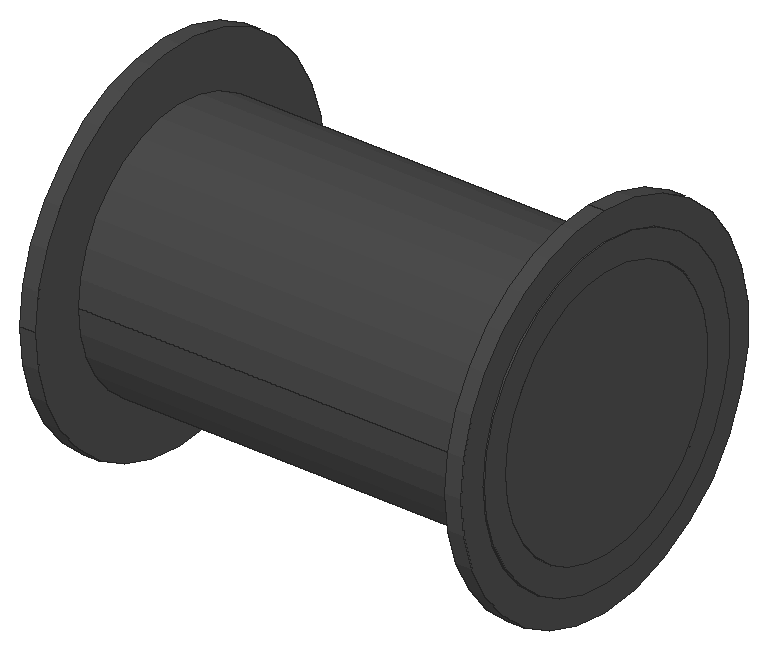
Revit family "Duc_FLA_Tocos", category Pipe Fittings, Revit 2025
Family settings
  Round Connector Dimension = Use Diameter
  Part Type = Union
  Work Plane-Based = Yes
  Always vertical = No
  Cut with Voids When Loaded = No
  Shared = Yes
Parameters
  Tabela [instance] = "Duc_FLA_Tocos"
  PN [instance] = "10"
  Nominal Diameter [instance] = 400.0 mm
  Material_Conexao = FoFo
  Manufacturer = "SGC"
  Loss Method = Not Defined
  K Coefficient Table = "Converging/Diverging Tee/Wye"
  Description = "Toco com flanges"
  Default Elevation = 0.0 mm
  Corpo_L [instance] = size_lookup(Tabela, "Corpo_L", 700.0 mm, Nominal Diameter)  # 700.0 mm
  Corpo_E [instance] = size_lookup(Tabela, "Corpo_E", 16.0 mm, Nominal Diameter)  # 21.5 mm
  Corpo_D [instance] = size_lookup(Tabela, "Corpo_D", 220.0 mm, Nominal Diameter)  # 565.0 mm
Reference planes
  plane 1 "EixoP": y = 0
  plane 2: z = 0
  plane 3 "EixoS": x = 468.25
  plane 4 "EE": x = 118.25
  plane 5 "ED": x = 818.25
Forms (mm)
  Sweep 1, solid, material "FoFo" <- "Material_Conexao"
    path origin (560, 0, 0) x (1, 0, 0) y (0, 1, 0)
      loop
        line (-441.75, 0) -> (258.25, 0)
    profile origin (468.25, 0, 0) x (0, 1, 0) y (0, 0, 1)
      loop
        circle (0, 0) r 200
Dimensions and locks
  "Corpo_L": plane 4 "EE" to plane 5 "ED"
  equal spacing: plane 4 "EE", plane 3 "EixoS", plane 5 "ED"
  "Nominal Diameter": diameter of Sweep 1 sketch curve
  aligned and locked: Sweep 1 sketch curve to plane 1 "EixoP"
  aligned and locked: plane 5 "ED" to Sweep 1 sketch curve
  aligned and locked: nested 2 to plane 2
  aligned and locked: nested 1 to plane 1 "EixoP"
  aligned and locked: plane 2 to nested 1
  aligned and locked: nested 1 to plane 5 "ED"
  aligned and locked: nested 2 to plane 4 "EE"
Automatic sketch dimensions
  Sweep 1 sketch curve to plane 4 "EE" = 0.0 mm
  Sweep 1 sketch curve to level = 0.0 mm
  Sweep 1 sketch curve to profile plane = 0.0 mm
Nested families
  nested 1: "Duc_FLA_Flanges" at (818.25, 0, 0) x (0, 0, 1) z (1, 0, 0), Nominal Diameter <- "Nominal Diameter", type "Duc_FLA_Flanges"
    with Tabela "Duc_FLA_Flanges", PN "10", Nominal Diameter 400.0 mm, Flange_Ressalto 4.0 mm, Flange_RF 257.5 mm, Flange_QF "16", Flange_MA 11.25°, Flange_DG 480.0 mm, Flange_DFuro 28.0 mm, Flange_DF 515.0 mm, Flange_D 565.0 mm, Flange_AnguloFuros 22.50°, Flange_Altura 24.5 mm
  nested 2: "Duc_FLA_Flanges" at (118.25, 0, 0) x (0, -1, 0) z (-1, 0, 0), Nominal Diameter <- "Nominal Diameter", type "Duc_FLA_Flanges"
    with Tabela "Duc_FLA_Flanges", PN "10", Nominal Diameter 400.0 mm, Flange_Ressalto 4.0 mm, Flange_RF 257.5 mm, Flange_QF "16", Flange_MA 11.25°, Flange_DG 480.0 mm, Flange_DFuro 28.0 mm, Flange_DF 515.0 mm, Flange_D 565.0 mm, Flange_AnguloFuros 22.50°, Flange_Altura 24.5 mm
Definition of nested family "Duc_FLA_Flanges"
  Parameters (values of type "Duc_FLA_Flanges")
    Tabela [instance] = "Duc_FLA_Flanges"
    PN [instance] = "10"
    Nominal Diameter [instance] = 100.0 mm
    Material_Conexao = none
    Manufacturer = "SGC"
    Flange_Ressalto [instance] = size_lookup(Tabela, "FRessalto", 3.0 mm, Nominal Diameter, PN)  # 3.0 mm
    Flange_RF [instance] = Flange_DF / 2  # 90.0 mm
    Flange_QF [instance] = size_lookup(Tabela, "QF", "4", Nominal Diameter, PN)  # "8"
    Flange_MA [instance] = size_lookup(Tabela, "MA", 45.00°, Nominal Diameter, PN)  # 22.50°
    Flange_DG [instance] = size_lookup(Tabela, "FG", 99.0 mm, Nominal Diameter, PN)  # 156.0 mm
    Flange_DF [instance] = size_lookup(Tabela, "FC", 125.0 mm, Nominal Diameter, PN)  # 180.0 mm
    Flange_D [instance] = size_lookup(Tabela, "FD", 165.0 mm, Nominal Diameter, PN)  # 220.0 mm
    Flange_AnguloFuros [instance] = size_lookup(Tabela, "AF", 90.00°, Nominal Diameter, PN)  # 45.00°
    Flange_Altura [instance] = size_lookup(Tabela, "FAltura", 19.0 mm, Nominal Diameter, PN)  # 19.0 mm
    Description = "Flange"
    Default Elevation = 0.0 mm
    Flange_DFuro [instance] = size_lookup(Tabela, "DFuro", 19.0 mm, Nominal Diameter, PN)  # 19.0 mm
  Reference planes
    plane 1 "Centro (Frente/Trás)": y = 0
    plane 2: z = 0
    plane 3 "Centro (Esquerda/Direita)": x = 0
    plane 4: z = -3
    plane 5: z = -22
  Forms (mm)
    Extrusion 1, solid, material <- "Material_Conexao"
      sketch origin (0, 0, 0) x (1, 0, 0) y (0, 1, 0)
        loop
          circle (0, 0) r 110
      from -22 to -3
    Extrusion 2, solid, material <- "Material_Conexao"
      sketch origin (0, 0, 0) x (1, 0, 0) y (0, 1, 0)
        loop
          circle (0, 0) r 78
      from 0 to -3
    Extrusion 3, void
      sketch origin (0, 0, 0) x (1, 0, 0) y (0, 1, 0)
        loop
          circle (0, 0) r 50
      from -22 to 0
  Cuts and joins
    Extrusion 3 cuts Extrusion 1
    Extrusion 3 cuts Extrusion 2
    joined: Extrusion 1, Extrusion 2
  Lines and regions (mm)
    model lines
      curve 1: line (-40, 0, 0) -> (40, 0, 0)
      curve 2: line (0, 40, 0) -> (0, -40, 0)
    reference lines
      curve 3: line (0, 0, 0) -> (83.149, 34.442, 0)
  Dimensions and locks
    "Flange_Ressalto": plane 2 to plane 4
    "Flange_Altura": plane 4 to plane 5
    "Flange_RF": curve 3 to curve 3
    "Flange_D": diameter of Extrusion 1 sketch curve
    "Flange_DG": diameter of Extrusion 2 sketch curve
    "Nominal Diameter": diameter of Extrusion 3 sketch curve
    "Flange_MA": angle plane 1 "Centro (Frente/Trás)" to curve 3
    aligned and locked: plane 2 to level
    aligned and locked: Extrusion 1 to plane 5
    aligned and locked: cut or joined group of Extrusion 1, Extrusion 2, Extrusion 3 to plane 4
    aligned and locked: plane 4 to cut or joined group of Extrusion 1, Extrusion 2, Extrusion 3
    aligned and locked: cut or joined group of Extrusion 1, Extrusion 2, Extrusion 3 to Extrusion 3
    aligned and locked: level to Extrusion 3
    aligned and locked: Extrusion 2 to Extrusion 1
    aligned and locked: level to Extrusion 2
    aligned and locked: plane 3 "Centro (Esquerda/Direita)" to curve 3
    aligned and locked: plane 1 "Centro (Frente/Trás)" to curve 3
  Automatic sketch dimensions
    plane 1 "Centro (Frente/Trás)" to curve 1 = 0.0 mm
    curve 1 to plane 3 "Centro (Esquerda/Direita)" = 40.0 mm
    plane 3 "Centro (Esquerda/Direita)" to curve 1 = 40.0 mm
    plane 1 "Centro (Frente/Trás)" to curve 2 = 40.0 mm
    curve 2 to plane 1 "Centro (Frente/Trás)" = 40.0 mm
    curve 2 to plane 3 "Centro (Esquerda/Direita)" = 0.0 mm
    plane 1 "Centro (Frente/Trás)" to Extrusion 1 sketch curve = 0.0 mm
    Extrusion 1 sketch curve to plane 3 "Centro (Esquerda/Direita)" = 0.0 mm
    plane 1 "Centro (Frente/Trás)" to Extrusion 2 sketch curve = 0.0 mm
    Extrusion 2 sketch curve to plane 3 "Centro (Esquerda/Direita)" = 0.0 mm
    plane 1 "Centro (Frente/Trás)" to Extrusion 3 sketch curve = 0.0 mm
    Extrusion 3 sketch curve to plane 3 "Centro (Esquerda/Direita)" = 0.0 mm
